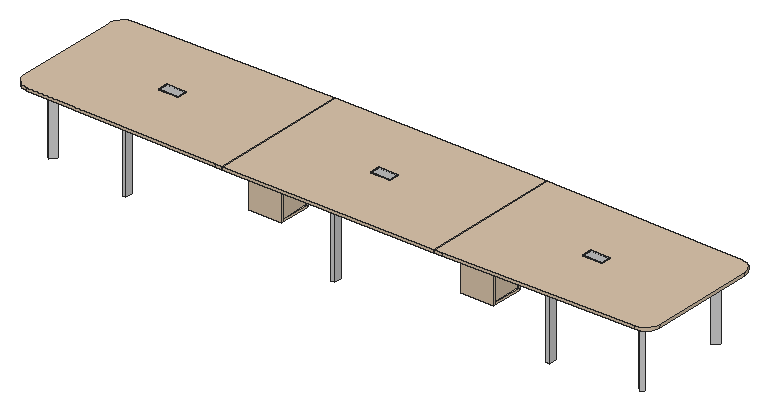
Revit family "Haworth_Planes_ConferenceTable_HexagonThreePiece", category Furniture Systems, Revit 2018
Family settings
  Round Connector Dimension = Use Diameter
  Part Type = Normal
  OmniClass Number = 23.40.70.14.64.21
  OmniClass Title = Systems Furniture
  Work Plane-Based = No
  Always vertical = Yes
  Cut with Voids When Loaded = No
  Shared = No
  Room Calculation Point = No
Parameters (values of type "270w 60d")
  Worksurface Finish [instance] = Haworth _ Laminate _ Maple H-AE
  Worksurface Edge Finish [instance] = Haworth _ Laminate _ Maple H-AE
  Width = 270"
  Warranty = "http://www.haworth.com/resources/product-info/warranties"
  URL - Product = "http://www.haworth.com/products/tables/conference/planes"
  Trim Finish [instance] = Haworth _ Metal _ Brushed Aluminum
  Sustainability Info = "https://www.haworth.com/company-info/sustainability"
  Support Location Side = 10"  # constant formula
  Support Location FrontBack = 8 3/4"  # constant formula
  Opening Single Wide = no
  Opening Single = not(or(Opening Single Wide, Opening Double, Opening Double Wide))  # yes
  Opening Left/Right = not(Opening Center)  # no
  Opening Double Wide = no
  Opening Double = no
  Opening Center = yes
  Not Cable Base = not(Cable Base)  # no
  Model = "TARX"  # constant formula
  Min. Depth = 42"  # constant formula
  Side Middle Leg Control = Actual Width > 221"  # yes
  Middle Leg Control = not(and(Not Cable Base, Actual Width < 204"))  # yes
  Max. Depth = 60"  # constant formula
  URL = "www.haworth.com"
  Support Height = Actual Height - Table Thickness  # 27 13/16"
  Size [instance] = "Verify Final Dim. w/ Haworth"  # constant formula
  Revision Number = "1"  # constant formula
  Min/Max Width = "186-270 @ 6 in. increments"  # constant formula
  Standard Height = "29 in."  # constant formula
  Min. Width = 186"  # constant formula
  Max. Width = 270"  # constant formula
  Min. Height = 29"  # constant formula
  Max. Height = 29"  # constant formula
  Manufacturer = "Haworth"  # constant formula
  Third Width = Actual Width / 6  # 45"
  Knife Edge = not(Edgeband)  # no
  Fliptop Width = Cutout Width + 1/4"  # 8 1/4"
  Fliptop Side Vis. = and(Flip Top, [Opening Left/Right])  # no
  Fliptop Depth = Cutout Depth + 3/8"  # 4 3/8"
  Fliptop Center Vis. = and(Flip Top, Opening Center)  # yes
  Flip Top Finish = Haworth _ Paint _ Metallic Champagne
  Flip Top = yes
  Edgeband = yes
  Description = "Haworth - Planes Conference Table - Hexagon Three Piece - 270w 60d"
  Depth = 60"
  Cutout Width = if(or(Opening Single Wide, Opening Double Wide), 11", 8")  # 8"
  Cutout Side Offset = Actual Width / 12  # 22 1/2"
  Cutout Depth = if(or(Opening Double, Opening Double Wide), 7 11/16", 4")  # 4"
  Cutout = yes
  Custom Size = not(and(or(Depth = 42", Depth = 48", Depth = 54", Depth = 60"), or(Width = 186", Width = 192", Width = 198", Width = 204", Width = 210", Width = 216", Width = 222", Width = 228", Width = 234", Width = 240", Width = 246", Width = 252", Width = 258", Width = 264", Width = 270")))  # no
  Center Leg Control = Not Cable Base  # no
  Cable Base Finish [instance] = Haworth _ Laminate _ Maple H-AE
  Cable Base = yes
  Author = "Haworth (Alias)"  # constant formula
  Assembly Code = "E2020200"
  Actual Width = if(Width > Max. Width, Max. Width, if(Width < Min. Width, Min. Width, Width))  # 270"
  Actual Height = 29"  # constant formula
  Table Thickness = 1 3/16"  # constant formula
  Standard Depths = "42, 48, 54, 60 in."  # constant formula
  Actual Depth = if(Depth > Max. Depth, Max. Depth, if(Depth < Min. Depth, Min. Depth, Depth))  # 60"
Reference planes (in)
  plane 1 "Center F/B": y = 8.84134
  plane 2 "Floor": z = 0
  plane 3 "Center L/R": x = 0
  plane 4 "Table Edge Left": x = -135
  plane 5 "Table Edge Right": x = 135
  plane 6 "Table Edge Back": y = -21.15866
  plane 7 "Table Edge Front": y = 38.84134
  plane 8 "Table Top": z = 29
  plane 9 "masking region": z = 27
  plane 10 "Left Middle Support": x = -90
  plane 11 "Right Middle Support": x = 90
  plane 12 "Ends Back Support Location": y = 30.09134
  plane 13 "Ends Front Support Location": y = -12.40866
  plane 14: z = 27.8125
  plane 15 "Left Seam": x = -45
  plane 16 "Right Seam": x = 45
  plane 17 "Leg 1": x = -125
  plane 18 "Leg 6": x = 125
  plane 19 "Back Leg 2": y = 34.40384
  plane 20 "Front Leg": y = -16.72116
  plane 21 "Back Leg 1": y = 36.09134
  plane 22 "Front Leg 1": y = -18.40866
  plane 23 "Fliptop Left 1": x = -112.5
  plane 24 "Fliptop Left2": x = -67.5
  plane 25 "Fliptop Left 3": x = -22.5
  plane 26 "Fliptop Right 3": x = 22.5
  plane 27 "Fliptop Right 2": x = 67.5
  plane 28 "Fliptop Right 1": x = 112.5
Dimensions and locks (in)
  "Actual Depth": plane 7 "Table Edge Front" to plane 6 "Table Edge Back"
  "Actual Width": plane 4 "Table Edge Left" to plane 5 "Table Edge Right"
  "Actual Height": plane 8 "Table Top" to level
  "Table Thickness": plane 8 "Table Top" to plane 14
  equal spacing: plane 4 "Table Edge Left", plane 10 "Left Middle Support", plane 15 "Left Seam", plane 3 "Center L/R", plane 16 "Right Seam", plane 11 "Right Middle Support", plane 5 "Table Edge Right"
  "Support Location Side": plane 4 "Table Edge Left" to plane 17 "Leg 1"
  "Support Location Side": plane 18 "Leg 6" to plane 5 "Table Edge Right"
  "Support Location FrontBack": plane 7 "Table Edge Front" to plane 12 "Ends Back Support Location"
  "Support Location FrontBack": plane 13 "Ends Front Support Location" to plane 6 "Table Edge Back"
  equal spacing: plane 7 "Table Edge Front", plane 1 "Center F/B", plane 6 "Table Edge Back"
  locked: plane 22 "Front Leg 1" to plane 6 "Table Edge Back" at 2.75
  locked: plane 21 "Back Leg 1" to plane 7 "Table Edge Front" at 2.75
  locked: plane 7 "Table Edge Front" to plane 19 "Back Leg 2" at 4.4375
  locked: plane 20 "Front Leg" to plane 6 "Table Edge Back" at 4.4375
  "Cutout Side Offset": plane 16 "Right Seam" to plane 27 "Fliptop Right 2"
  "Cutout Side Offset": plane 26 "Fliptop Right 3" to plane 16 "Right Seam"
  "Cutout Side Offset": plane 15 "Left Seam" to plane 25 "Fliptop Left 3"
  "Cutout Side Offset": plane 24 "Fliptop Left2" to plane 15 "Left Seam"
  "Cutout Side Offset": plane 4 "Table Edge Left" to plane 23 "Fliptop Left 1"
  "Cutout Side Offset": plane 28 "Fliptop Right 1" to plane 5 "Table Edge Right"
  aligned and locked: plane 17 "Leg 1" to nested 1
  aligned and locked: nested 2 to plane 17 "Leg 1"
  aligned and locked: plane 18 "Leg 6" to nested 3
  aligned and locked: nested 4 to plane 18 "Leg 6"
  aligned and locked: nested 11 to plane 11 "Right Middle Support"
  aligned and locked: nested 14 to plane 16 "Right Seam"
  aligned and locked: plane 3 "Center L/R" to nested 9
  aligned and locked: plane 15 "Left Seam" to nested 7
  aligned and locked: plane 10 "Left Middle Support" to nested 5
  aligned and locked: plane 10 "Left Middle Support" to nested 6
  aligned and locked: plane 15 "Left Seam" to nested 8
  aligned and locked: plane 3 "Center L/R" to nested 10
  aligned and locked: nested 13 to plane 16 "Right Seam"
  aligned and locked: nested 12 to plane 11 "Right Middle Support"
  aligned and locked: plane 1 "Center F/B" to nested 15
  aligned and locked: plane 1 "Center F/B" to nested 16
  aligned and locked: nested 16 to plane 16 "Right Seam"
  aligned and locked: plane 15 "Left Seam" to nested 15
  aligned and locked: nested 1 to plane 2 "Floor"
  aligned and locked: plane 2 "Floor" to nested 2  (x3)
  aligned and locked: plane 2 "Floor" to nested 1  (x2)
  aligned and locked: nested 5 to plane 2 "Floor"
  aligned and locked: nested 6 to plane 2 "Floor"
  aligned and locked: plane 2 "Floor" to nested 5
  aligned and locked: plane 2 "Floor" to nested 6
  aligned and locked: nested 15 to plane 2 "Floor"  (x2)
  aligned and locked: plane 2 "Floor" to nested 15  (x2)
  aligned and locked: nested 10 to plane 2 "Floor"
  aligned and locked: plane 2 "Floor" to nested 9
  aligned and locked: plane 2 "Floor" to nested 10
  aligned and locked: nested 16 to plane 2 "Floor"
  aligned and locked: plane 2 "Floor" to nested 14
  aligned and locked: plane 2 "Floor" to nested 11
  aligned and locked: plane 2 "Floor" to nested 12
  aligned and locked: nested 4 to plane 2 "Floor"  (x3)
  aligned and locked: plane 2 "Floor" to nested 3
  aligned and locked: nested 3 to plane 2 "Floor"  (x2)
  aligned and locked: nested 3 to plane 12 "Ends Back Support Location"
  aligned and locked: plane 13 "Ends Front Support Location" to nested 4
  aligned and locked: nested 1 to plane 13 "Ends Front Support Location"
  aligned and locked: plane 12 "Ends Back Support Location" to nested 2
  aligned and locked: plane 22 "Front Leg 1" to nested 7
  aligned and locked: plane 22 "Front Leg 1" to nested 9
  aligned and locked: nested 14 to plane 22 "Front Leg 1"
  aligned and locked: nested 12 to plane 19 "Back Leg 2"
  aligned and locked: nested 13 to plane 21 "Back Leg 1"
  aligned and locked: plane 21 "Back Leg 1" to nested 10
  aligned and locked: nested 8 to plane 21 "Back Leg 1"
  aligned and locked: nested 6 to plane 19 "Back Leg 2"
  aligned and locked: plane 28 "Fliptop Right 1" to nested 19
  aligned and locked: plane 1 "Center F/B" to nested 19
  aligned and locked: nested 18 to plane 11 "Right Middle Support"
  aligned and locked: plane 1 "Center F/B" to nested 18
  aligned and locked: nested 20 to plane 27 "Fliptop Right 2"
  aligned and locked: plane 1 "Center F/B" to nested 20
  aligned and locked: plane 1 "Center F/B" to nested 21
  aligned and locked: plane 26 "Fliptop Right 3" to nested 21
  aligned and locked: plane 3 "Center L/R" to nested 22
  aligned and locked: plane 1 "Center F/B" to nested 22
  aligned and locked: plane 25 "Fliptop Left 3" to nested 23
  aligned and locked: plane 1 "Center F/B" to nested 23
  aligned and locked: plane 24 "Fliptop Left2" to nested 24
  aligned and locked: plane 1 "Center F/B" to nested 24
  aligned and locked: plane 10 "Left Middle Support" to nested 25
  aligned and locked: plane 1 "Center F/B" to nested 25
  aligned and locked: nested 26 to plane 23 "Fliptop Left 1"
  aligned and locked: plane 1 "Center F/B" to nested 26
  aligned and locked: nested 17 to plane 3 "Center L/R"
  aligned and locked: nested 17 to plane 1 "Center F/B"
  aligned and locked: nested 17 to plane 2 "Floor"
  aligned and locked: plane 20 "Front Leg" to nested 5
  aligned and locked: nested 11 to plane 20 "Front Leg"
Nested families (in)
  nested 1: "Haworth_Worksurface-Support_Part-Leg" at (-133.5, 10.45565, 0), type "Support"
  nested 2: "Haworth_Worksurface-Support_Part-Leg" at (-133.5, 7.22703, 0), type "Support"
  nested 3: "Haworth_Worksurface-Support_Part-Leg" at (133.5, 7.22703, 0) x (-1, 0, 0) z (0, 0, 1), type "Support"
  nested 4: "Haworth_Worksurface-Support_Part-Leg" at (133.5, 10.45565, 0) x (-1, 0, 0) z (0, 0, 1), type "Support"
  nested 5: "Haworth_Worksurface-Support_Part-Leg" at (-98.5, 6.14315, 0), visible <- "Side Middle Leg Control", type "Middle Support"
  nested 6: "Haworth_Worksurface-Support_Part-Leg" at (-98.5, 54.01815, 0), visible <- "Side Middle Leg Control", type "Middle Support"
  nested 7: "Haworth_Worksurface-Support_Part-Leg" at (-53.5, 4.45565, 0), visible <- "Center Leg Control", type "Middle Support"
  nested 8: "Haworth_Worksurface-Support_Part-Leg" at (-53.5, 55.70565, 0), visible <- "Center Leg Control", type "Middle Support"
  nested 9: "Haworth_Worksurface-Support_Part-Leg" at (-8.5, 4.45565, 0), visible <- "Middle Leg Control", type "Middle Support"
  nested 10: "Haworth_Worksurface-Support_Part-Leg" at (-8.5, 55.70565, 0), visible <- "Middle Leg Control", type "Middle Support"
  nested 11: "Haworth_Worksurface-Support_Part-Leg" at (98.5, 6.14315, 0) x (-1, 0, 0) z (0, 0, 1), visible <- "Side Middle Leg Control", type "Middle Support"
  nested 12: "Haworth_Worksurface-Support_Part-Leg" at (98.5, 54.01815, 0) x (-1, 0, 0) z (0, 0, 1), visible <- "Side Middle Leg Control", type "Middle Support"
  nested 13: "Haworth_Worksurface-Support_Part-Leg" at (53.5, 55.70565, 0) x (-1, 0, 0) z (0, 0, 1), visible <- "Center Leg Control", type "Middle Support"
  nested 14: "Haworth_Worksurface-Support_Part-Leg" at (53.5, 4.45565, 0) x (-1, 0, 0) z (0, 0, 1), visible <- "Center Leg Control", type "Middle Support"
  nested 15: "Haworth_Planes_CableBase" at (-45, 5.21634, 0), visible <- "Cable Base", type "Base"
    with Actual Depth 14", 8 x 14 no, 14 x 14 yes
  nested 16: "Haworth_Planes_CableBase" at (45, 5.21634, 0), visible <- "Cable Base", type "Base"
    with Actual Depth 14", 8 x 14 no, 14 x 14 yes
  nested 17: "Haworth_Planes_Conference_Worksurface_HexagonThreePiece_Part" at (45, -6.15866, 0), type "Worksurface"
    with Opening Side Vis. no, Opening Left/Right no, Knife Edge no, Cutout Side Dimension 1"
  nested 18: "Haworth_Worksurface_FlipTop_Unit_Part" at (89.42963, 8.78886, 29), built-in parameter 1001364 <- "Actual Height", visible <- "Fliptop Center Vis.", type "Flip Top"
  nested 19: "Haworth_Worksurface_FlipTop_Unit_Part" at (111.92963, 8.78886, 29), built-in parameter 1001364 <- "Actual Height", visible <- "Fliptop Side Vis.", type "Flip Top"
  nested 20: "Haworth_Worksurface_FlipTop_Unit_Part" at (66.92963, 8.78886, 29), built-in parameter 1001364 <- "Actual Height", visible <- "Fliptop Side Vis.", type "Flip Top"
  nested 21: "Haworth_Worksurface_FlipTop_Unit_Part" at (21.92963, 8.78886, 29), built-in parameter 1001364 <- "Actual Height", visible <- "Fliptop Side Vis.", type "Flip Top"
  nested 22: "Haworth_Worksurface_FlipTop_Unit_Part" at (-0.57037, 8.78886, 29), built-in parameter 1001364 <- "Actual Height", visible <- "Fliptop Center Vis.", type "Flip Top"
  nested 23: "Haworth_Worksurface_FlipTop_Unit_Part" at (-23.07037, 8.78886, 29), built-in parameter 1001364 <- "Actual Height", visible <- "Fliptop Side Vis.", type "Flip Top"
  nested 24: "Haworth_Worksurface_FlipTop_Unit_Part" at (-68.07037, 8.78886, 29), built-in parameter 1001364 <- "Actual Height", visible <- "Fliptop Side Vis.", type "Flip Top"
  nested 25: "Haworth_Worksurface_FlipTop_Unit_Part" at (-90.57037, 8.78886, 29), built-in parameter 1001364 <- "Actual Height", visible <- "Fliptop Center Vis.", type "Flip Top"
  nested 26: "Haworth_Worksurface_FlipTop_Unit_Part" at (-113.07037, 8.78886, 29), built-in parameter 1001364 <- "Actual Height", visible <- "Fliptop Side Vis.", type "Flip Top"
Definition of nested family "Haworth_Worksurface-Support_Part-Leg"
  Parameters (values of type "Support")
    Top Thickness = 1 3/16"
    Support Post Standard = no
    Support Post 45 Degree = yes
    Support Height = Actual Height - Top Thickness  # 27 13/16"
    Model = "Worksurface"
    Worksurface Height = 29"
    Warranty = "www.haworth.com/en-us/Products/Pages/Certifications.aspx"
    URL - Product = "www.haworth.com/en-us/Products/Furniture/Systems/Desking-Systems/Pages/Compose.aspx"
    URL = "www.haworth.com"
    Sustainability Info = "www.haworth.com/en-us/About-Us/Sustainability/Pages/Vision.aspx"
    Support Finish = none
    Size = "Verify Final Dim. w/ Haworth"  # constant formula
    Revision Number = "1"  # constant formula
    Min/Max Height = "26-32 in."  # constant formula
    Min. Height = 20"  # constant formula
    Max. Height = 48"  # constant formula
    Manufacturer = "Haworth"  # constant formula
    LEED Data = "www.haworth.com/_layouts/Haworth.ProductCatalog/Handlers/GetAsset.ashx/ComposeLEEDContributions.pdf?cid=27&rid=1824&type=Leed"
    Description = "Worksurface Support"  # constant formula
    Author = "SHAPE Environments, LLC"  # constant formula
    Assembly Code = "E2020200"
    Actual Top Thickness = if(Top Thickness > 3", 3", if(Top Thickness < 1", 1", Top Thickness))  # 1 3/16"
    Actual Height = 29"
  Types (2): name | Support Post Standard | Support Post 45 Degree
    Support | no | yes
    Middle Support | yes | no
  Reference planes (in)
    plane 1: z = 0
    plane 2 "Center L/R": x = 8.5
    plane 3 "Support Top": z = 27.8125
    plane 4 "Center F/B": y = -21.23931
    plane 5: through (9.11872, -19.55993, 48) normal (0.7071, 0.7071, 0)
    plane 6: through (6.82062, -21.85803, 48) normal (0.7071, 0.7071, 0)
    plane 7: y = -22.86431
    plane 8: y = -19.61431
  Forms (in)
    Extrusion 1, solid, material <- "Support Finish", visible <- "Support Post Standard"
      sketch origin (0, 0, 0) x (1, 0, 0) y (0, 1, 0)
        loop
          line (7.75, -22.86431) -> (9.25, -22.86431) -> (9.25, -19.61431) -> (7.75, -19.61431) -> (7.75, -22.86431)
      from 0 to 27.8125
    Extrusion 2, solid, material <- "Support Finish", visible <- "Support Post 45 Degree"
      sketch origin (17.50805, -0.21044, 0) x (0.707107, -0.707107, 0) y (0.707107, 0.707107, 0)
        loop
          line (7.75, -22.86431) -> (9.25, -22.86431) -> (9.25, -19.61431) -> (7.75, -19.61431) -> (7.75, -22.86431)
      from 0 to 27.8125
  Lines and regions (in)
    symbolic lines, visible <- "Support Post Standard", detail levels fine
      curve 1: line (7.75, -19.61431, 0) -> (9.25, -19.61431, 0)
      curve 2: line (7.75, -22.86431, 0) -> (7.75, -19.61431, 0)
      curve 3: line (9.25, -22.86431, 0) -> (7.75, -22.86431, 0)
      curve 4: line (9.25, -19.61431, 0) -> (9.25, -22.86431, 0)
    symbolic lines, visible <- "Support Post 45 Degree", detail levels fine
      curve 5: line (6.82062, -21.85803, 0) -> (9.11872, -19.55993, 0)
      curve 6: line (9.11872, -19.55993, 0) -> (10.17938, -20.62059, 0)
      curve 7: line (10.17938, -20.62059, 0) -> (7.88128, -22.91869, 0)
      curve 8: line (7.88128, -22.91869, 0) -> (6.82062, -21.85803, 0)
  Dimensions and locks (in)
    "Support Height": plane 3 "Support Top" to level
    aligned and locked: plane 3 "Support Top" to Extrusion 1
    aligned and locked: plane 3 "Support Top" to Extrusion 2
  Automatic sketch dimensions
    Extrusion 1 sketch curve to plane 4 "Center F/B" = 1 5/8"
    plane 2 "Center L/R" to Extrusion 1 sketch curve = 3/4"
    Extrusion 1 sketch curve to plane 2 "Center L/R" = 3/4"
    plane 4 "Center F/B" to Extrusion 1 sketch curve = 1 5/8"
    plane 2 "Center L/R" to Extrusion 2 sketch curve = 0.61872"
    Extrusion 2 sketch curve to plane 4 "Center F/B" = 1.67938"
    Extrusion 2 sketch curve to Extrusion 2 sketch curve = 1 1/2"
    Extrusion 2 sketch curve to Extrusion 2 sketch curve = 3 1/4"
    plane 4 "Center F/B" to curve 5 = 0.61872"
    curve 2 to plane 2 "Center L/R" = 3/4"
    curve 2 to curve 7 = 0.13128"
    plane 2 "Center L/R" to curve 6 = 0.61872"
    curve 5 to curve 4 = 0.13128"
    curve 6 to plane 4 "Center F/B" = 0.61872"
    curve 1 to curve 6 = 0.92938"
    curve 7 to curve 2 = 0.05438"
    curve 1 to curve 5 = 0.05438"
Definition of nested family "Haworth_Planes_CableBase"
  Parameters
    Warranty = "www.haworth.com/en-us/Products/Pages/Certifications.aspx"
    URL - Product = "www.haworth.com/en-us/Products/Furniture/Tables/Conference-Ancillary/Pages/Planes.aspx"
    URL = "www.haworth.com"
    Sustainability Info = "www.haworth.com/en-us/About-Us/Sustainability/Pages/Vision.aspx"
    Size = "Verify Final Dim. w/ Haworth"  # constant formula
    Revision Number = "2"  # constant formula
    Model = "Haworth_Planes-Cable_Base"  # constant formula
    Min. Height = 27 13/16"  # constant formula
    Max. Height = 27 13/16"  # constant formula
    Manufacturer = "Haworth"  # constant formula
    LEED Data = "www.haworth.com/_layouts/Haworth.ProductCatalog/Handlers/GetAsset.ashx/PlanesLEEDContributions.pdf?cid=187&rid=1508&type=Leed"
    Description = "Haworth_Planes-Cable_Base"
    Base Finish = none
    Author = "SHAPE Environments, LLC"  # constant formula
    Assembly Code = "E2020200"
    Actual Width = 14"  # constant formula
    Actual Height = 27 13/16"
    Actual Depth = if([8 x 14], 8", 14")  # 8"
    8 x 14 = not([14 x 14])  # yes
    14 x 14 = no
  Reference planes (in)
    plane 1 "Center F/B": y = 3.625
    plane 2: z = 0
    plane 3 "Center L/R": x = 0
    plane 4 "Left": x = -7
    plane 5 "Right": x = 7
    plane 6 "Front": y = -0.375
    plane 7 "Top": z = 27.8125
    plane 8 "Back": y = 7.625
    plane 9: y = 6.875
    plane 10: x = 6.25
    plane 11: x = -6.25
    plane 12: y = 0.375
    plane 13: z = 27.0625
  Forms (in)
    Extrusion 1, solid, material <- "Base Finish"
      sketch origin (0, 0, 0) x (1, 0, 0) y (0, 1, 0)
        loop
          line (-7, 7.625) -> (-7, 6.875) -> (7, 6.875) -> (7, 7.625) -> (-7, 7.625)
        loop
          line (-7, 0.375) -> (-7, -0.375) -> (7, -0.375) -> (7, 0.375) -> (-7, 0.375)
      from 0 to 27.8125
    Extrusion 2, solid, material <- "Base Finish"
      sketch origin (0, 0, 0) x (1, 0, 0) y (0, 1, 0)
        loop
          line (-6.25, 6.875) -> (-6.25, 0.375) -> (-5.5, 0.375) -> (-5.5, 6.875) -> (-6.25, 6.875)
        loop
          line (6.25, 6.875) -> (5.5, 6.875) -> (5.5, 0.375) -> (6.25, 0.375) -> (6.25, 6.875)
      from 0 to 27.0625
    Extrusion 3, solid, material <- "Base Finish"
      sketch origin (0, 0, 0) x (1, 0, 0) y (0, 1, 0)
        loop
          line (-7, 6.875) -> (-7, 0.375) -> (7, 0.375) -> (7, 6.875) -> (-7, 6.875)
        loop
          line (-4, 4.625) -> (-4, 2.625) -> (4, 2.625) -> (4, 4.625) -> (-4, 4.625)
      from 0 to 0.75
  Cuts and joins
    joined: Extrusion 2, Extrusion 3
  Lines and regions (in)
    Masking region 1, detail levels fine
      outline origin (0, 0, 0) x (1, 0, 0) y (0, 1, 0)
        loop
          line (-7, 7.625) -> (-7, -0.375) -> (7, -0.375) -> (7, 7.625) -> (-7, 7.625)
        loop
          line (-4, 4.625) -> (-4, 2.625) -> (4, 2.625) -> (4, 4.625) -> (-4, 4.625)
  Dimensions and locks (in)
    equal spacing: plane 8 "Back", plane 1 "Center F/B", plane 6 "Front"
    "Actual Depth": plane 8 "Back" to plane 6 "Front"
    equal spacing: plane 4 "Left", plane 3 "Center L/R", plane 5 "Right"
    "Actual Width": plane 4 "Left" to plane 5 "Right"
    "Actual Height": plane 7 "Top" to level
    locked: plane 4 "Left" to plane 11 at 0.75
    locked: plane 10 to plane 5 "Right" at 0.75
    locked: plane 8 "Back" to plane 9 at 0.75
    locked: plane 12 to plane 6 "Front" at 0.75
    locked: plane 7 "Top" to plane 13 at 0.75
    Extrusion 2 sketch curve to plane 10 = 3/4"
    plane 11 to Extrusion 2 sketch curve = 3/4"
    Extrusion 3 sketch curve to plane 6 "Front" = 3"
    Extrusion 3 sketch curve to plane 8 "Back" = 3"
    plane 4 "Left" to Extrusion 3 sketch curve = 3"
    Extrusion 3 sketch curve to plane 5 "Right" = 3"
    aligned and locked: plane 4 "Left" to Extrusion 1 sketch curve  (x2)
    aligned and locked: Extrusion 1 sketch curve to plane 8 "Back"
    aligned and locked: plane 9 to Extrusion 1 sketch curve
    aligned and locked: plane 5 "Right" to Extrusion 1 sketch curve  (x2)
    aligned and locked: plane 6 "Front" to Extrusion 1 sketch curve
    aligned and locked: Extrusion 1 sketch curve to plane 12
    aligned and locked: plane 7 "Top" to Extrusion 1
    aligned and locked: plane 11 to Extrusion 2 sketch curve
    aligned and locked: Extrusion 2 sketch curve to plane 9
    aligned and locked: plane 12 to Extrusion 2 sketch curve  (x2)
    aligned and locked: plane 10 to Extrusion 2 sketch curve
    aligned and locked: plane 9 to Extrusion 2 sketch curve
    aligned and locked: plane 13 to Extrusion 2
    aligned and locked: Extrusion 1 to Extrusion 3 sketch curve
    aligned and locked: Extrusion 3 sketch curve to Extrusion 1
    aligned and locked: Masking region 1 sketch curve to Extrusion 3  (x5)
    aligned and locked: Masking region 1 sketch curve to Extrusion 1
    aligned and locked: Extrusion 1 to Masking region 1 sketch curve
    aligned and locked: Extrusion 3 to Masking region 1 sketch curve
    aligned and locked: plane 12 to Extrusion 3 sketch curve
    aligned and locked: Extrusion 3 sketch curve to plane 9
Definition of nested family "Haworth_Planes_Conference_Worksurface_HexagonThreePiece_Part"
  Parameters (values of type "Worksurface")
    Warranty = "https://www.haworth.com/resources/product-info/warranties"
    URL - Product = "https://www.haworth.com/products/tables/conference/planes"
    URL = "www.haworth.com"
    Table Thickness = 1 3/16"  # constant formula
    Table Finish = none
    Table Edge Finish = none
    Side Cutout Offset = Actual Width / 12  # 22 1/2"
    Revision Number = ""
    Opening Side Vis. = and(Cutout, [Opening Left/Right])  # yes
    Opening Left/Right = yes
    Opening Center Vis. = and(Cutout, Opening Center)  # yes
    Opening Center = yes
    Note = "Verify Final Dim. w/ Haworth"  # constant formula
    Model = "TARX"  # constant formula
    Manufacturer = "Haworth"  # constant formula
    Knife Edge = yes
    Edgeband = yes
    Description = "Haworth - Planes Conference Worksurface - Part"
    Cutout Width = 8"
    Cutout Side Dimension = if(and(Cutout, [Opening Left/Right]), 3", 1")  # 3"
    Cutout Center Dimension = if(and(Cutout, Opening Center), 3", 1")  # 3"
    Cutout Depth = 4"
    Cutout = yes
    Center Cutout Offset = Actual Width / 6  # 45"
    Author = "Haworth (Alias)"  # constant formula
    Assembly Code = ""
    Actual Width = 270"
    Actual Height = 29"
    Actual Depth = 60"
  Reference planes (in)
    plane 1 "Center F/B": y = 15
    plane 2 "Bottom": z = 0
    plane 3 "Right Flat": x = 0
    plane 4 "Table Front": y = 45
    plane 5 "Table Right": x = 90
    plane 6 "Table Left": x = -180
    plane 7 "Table Back": y = -15
    plane 8 "Table Top": z = 29
    plane 9 "Table Bottom": z = 27.8125
    plane 10 "Cutout Top": z = 30
    plane 11 "Cutout Center Bottom": z = 27
    plane 12 "KnifeEdge Middle": z = 28.625
    plane 13 "Cutout Center": x = -135
    plane 14 "Cutout Left 1": x = -157.5
    plane 15 "Cutout Left 2": x = -112.5
    plane 16 "Cutout Right 2": x = 22.5
    plane 17 "Cutout Center 2": x = 45
    plane 18 "Cutout Right 1": x = 67.5
    plane 19 "Cutout Side Bottom": z = 27
    plane 20 "Left Flat": x = -90
    plane 21 "Center L/R": x = -45
    plane 22 "Cutout Left 3": x = -67.5
    plane 23 "Cutout Right 3": x = -22.5
  Forms (in)
    Extrusion 1, solid, material <- "Table Finish", visible <- "Edgeband"
      sketch origin (0, 0, 0) x (1, 0, 0) y (0, 1, 0)
        loop
          line (90, -7.45259) -> (90, 37.45259)
          arc (90, 37.45259) -> (88.3202, 41.61623) -> (84.22137, 43.44851) r 6
          line (84.22137, 43.44851) -> (3.27451, 44.91058)
          arc (3.27451, 44.91058) -> (1.63787, 44.97764) -> (0, 45) r 60
          line (0, 45) -> (0, -15)
          arc (0, -15) -> (1.63787, -14.97764) -> (3.27451, -14.91058) r 60
          line (3.27451, -14.91058) -> (84.22137, -13.44851)
          arc (84.22137, -13.44851) -> (88.3202, -11.61623) -> (90, -7.45259) r 6
      from 27.8125 to 29
    Extrusion 2, void
      sketch origin (-90, 0, 29) x (-1, 0, 0) y (0, -1, 0)
        loop
          line (49, -17) -> (49, -13) -> (41, -13) -> (41, -17) -> (49, -17)
        loop
          line (-41, -17) -> (-41, -13) -> (-49, -13) -> (-49, -17) -> (-41, -17)
        loop
          line (-131, -17) -> (-131, -13) -> (-139, -13) -> (-139, -17) -> (-131, -17)
      from -2 to 1
    Extrusion 3, solid, material <- "Table Finish", visible <- "Knife Edge"
      sketch origin (0, 0, 0) x (1, 0, 0) y (0, 1, 0)
        loop
          line (90, -7.45259) -> (90, 37.45259)
          arc (90, 37.45259) -> (88.3202, 41.61623) -> (84.22137, 43.44851) r 6
          line (84.22137, 43.44851) -> (3.27451, 44.91058)
          arc (3.27451, 44.91058) -> (1.63787, 44.97764) -> (0, 45) r 60
          line (0, 45) -> (0, -15)
          arc (0, -15) -> (1.63787, -14.97764) -> (3.27451, -14.91058) r 60
          line (3.27451, -14.91058) -> (84.22137, -13.44851)
          arc (84.22137, -13.44851) -> (88.3202, -11.61623) -> (90, -7.45259) r 6
      from 28.625 to 29
    Blend 4, solid, material <- "Table Finish", visible <- "Knife Edge"
      base sketch origin (0, 0, 0) x (1, 0, 0) y (0, 1, 0)
        loop
          arc (0, -12.97661) -> (1.6121, -12.95419) -> (3.22295, -12.88695) r 57.97661
          line (3.22295, -12.88695) -> (84.29226, -11.44453)
          arc (84.29226, -11.44453) -> (86.92994, -10.17836) -> (88, -7.45522) r 4
          line (88, -7.45522) -> (88, 37.45522)
          arc (88, 37.45522) -> (86.92994, 40.17836) -> (84.29226, 41.44453) r 4
          line (84.29226, 41.44453) -> (3.22295, 42.88695)
          arc (3.22295, 42.88695) -> (1.6121, 42.95419) -> (0, 42.97661) r 57.97661
          line (0, 42.97661) -> (0, -12.97661)
      top sketch origin (0, 0, 0) x (1, 0, 0) y (0, 1, 0)
        loop
          arc (90, 37.45522) -> (88.3813, 41.55451) -> (84.3986, 43.44196) r 6
          line (84.3986, 43.44196) -> (3.27593, 44.9105)
          arc (3.27593, 44.9105) -> (1.63858, 44.97762) -> (0, 45) r 60
          line (0, 45) -> (0, -15)
          arc (0, -15) -> (1.63858, -14.97762) -> (3.27593, -14.9105) r 60
          line (3.27593, -14.9105) -> (84.3986, -13.44196)
          arc (84.3986, -13.44196) -> (88.3813, -11.55451) -> (90, -7.45522) r 6
          line (90, -7.45522) -> (90, 37.45522)
      from 27.8125 to 28.625
    Extrusion 5, void
      sketch origin (-90, 0, 0) x (1, 0, 0) y (0, 1, 0)
        loop
          line (-71.5, 17) -> (-71.5, 13) -> (-63.5, 13) -> (-63.5, 17) -> (-71.5, 17)
        loop
          line (-26.5, 17) -> (-26.5, 13) -> (-18.5, 13) -> (-18.5, 17) -> (-26.5, 17)
        loop
          line (18.5, 17) -> (18.5, 13) -> (26.5, 13) -> (26.5, 17) -> (18.5, 17)
        loop
          line (63.5, 17) -> (63.5, 13) -> (71.5, 13) -> (71.5, 17) -> (63.5, 17)
        loop
          line (108.5, 17) -> (108.5, 13) -> (116.5, 13) -> (116.5, 17) -> (108.5, 17)
        loop
          line (153.5, 17) -> (153.5, 13) -> (161.5, 13) -> (161.5, 17) -> (153.5, 17)
      from 27 to 30
    Extrusion 6, solid, material <- "Table Finish", visible <- "Knife Edge"
      sketch origin (-90, 0, 0) x (-1, 0, 0) y (0, -1, 0)
        loop
          arc (90, 7.45259) -> (88.3202, 11.61623) -> (84.22137, 13.44851) r 6
          line (84.22137, 13.44851) -> (3.27451, 14.91058)
          arc (3.27451, 14.91058) -> (1.63787, 14.97764) -> (0, 15) r 60
          line (0, 15) -> (0, -45)
          arc (0, -45) -> (1.63787, -44.97764) -> (3.27451, -44.91058) r 60
          line (3.27451, -44.91058) -> (84.22137, -43.44851)
          arc (84.22137, -43.44851) -> (88.3202, -41.61623) -> (90, -37.45259) r 6
          line (90, -37.45259) -> (90, 7.45259)
      from 28.625 to 29
    Extrusion 7, solid, material <- "Table Finish", visible <- "Edgeband"
      sketch origin (-90, 0, 0) x (-1, 0, 0) y (0, -1, 0)
        loop
          arc (90, 7.45259) -> (88.3202, 11.61623) -> (84.22137, 13.44851) r 6
          line (84.22137, 13.44851) -> (3.27451, 14.91058)
          arc (3.27451, 14.91058) -> (1.63787, 14.97764) -> (0, 15) r 60
          line (0, 15) -> (0, -45)
          arc (0, -45) -> (1.63787, -44.97764) -> (3.27451, -44.91058) r 60
          line (3.27451, -44.91058) -> (84.22137, -43.44851)
          arc (84.22137, -43.44851) -> (88.3202, -41.61623) -> (90, -37.45259) r 6
          line (90, -37.45259) -> (90, 7.45259)
      from 27.8125 to 29
    Blend 8, solid, material <- "Table Finish", visible <- "Knife Edge"
      base sketch origin (-90, 0, 0) x (-1, 0, 0) y (0, -1, 0)
        loop
          line (0, 12.97661) -> (0, -42.97661)
          arc (0, -42.97661) -> (1.6121, -42.95419) -> (3.22295, -42.88695) r 57.97661
          line (3.22295, -42.88695) -> (84.29226, -41.44453)
          arc (84.29226, -41.44453) -> (86.92994, -40.17836) -> (88, -37.45522) r 4
          line (88, -37.45522) -> (88, 7.45522)
          arc (88, 7.45522) -> (86.92994, 10.17836) -> (84.29226, 11.44453) r 4
          line (84.29226, 11.44453) -> (3.22295, 12.88695)
          arc (3.22295, 12.88695) -> (1.6121, 12.95419) -> (0, 12.97661) r 57.97661
      top sketch origin (-90, 0, 0) x (-1, 0, 0) y (0, -1, 0)
        loop
          line (90, -37.45522) -> (90, 7.45522)
          arc (90, 7.45522) -> (88.3813, 11.55451) -> (84.3986, 13.44196) r 6
          line (84.3986, 13.44196) -> (3.27593, 14.9105)
          arc (3.27593, 14.9105) -> (1.63858, 14.97762) -> (0, 15) r 60
          line (0, 15) -> (0, -45)
          arc (0, -45) -> (1.63858, -44.97762) -> (3.27593, -44.9105) r 60
          line (3.27593, -44.9105) -> (84.3986, -43.44196)
          arc (84.3986, -43.44196) -> (88.3813, -41.55451) -> (90, -37.45522) r 6
      from 27.8125 to 28.625
    Extrusion 9, solid, material <- "Table Finish", visible <- "Edgeband"
      sketch origin (0, 0, 0) x (1, 0, 0) y (0, 1, 0)
        loop
          line (-90, 45) -> (-90, -15) -> (0, -15) -> (0, 45) -> (-90, 45)
      from 27.8125 to 29
    Extrusion 10, solid, material <- "Table Finish", visible <- "Knife Edge"
      sketch origin (0, 0, 0) x (1, 0, 0) y (0, 1, 0)
        loop
          line (-90, 45) -> (-90, -15) -> (0, -15) -> (0, 45) -> (-90, 45)
      from 28.625 to 29
    Blend 11, solid, material <- "Table Finish", visible <- "Knife Edge"
      base sketch origin (0, 0, 0) x (1, 0, 0) y (0, 1, 0)
        loop
          line (-90, -13) -> (0, -13) -> (0, 43) -> (-90, 43) -> (-90, -13)
      top sketch origin (0, 0, 0) x (1, 0, 0) y (0, 1, 0)
        loop
          line (-90, 45) -> (-90, -15) -> (0, -15) -> (0, 45) -> (-90, 45)
      from 27.8125 to 28.625
  Cuts and joins
    Extrusion 2, Extrusion 5 cuts Extrusion 1
    Extrusion 2, Extrusion 5 cuts Extrusion 3
    Extrusion 2, Extrusion 5 cuts Blend 4
    Extrusion 2, Extrusion 5 cuts Extrusion 9
    Extrusion 2, Extrusion 5 cuts Extrusion 10
    Extrusion 2, Extrusion 5 cuts Blend 11
    Extrusion 2, Extrusion 5 cuts Extrusion 7
    Extrusion 2, Extrusion 5 cuts Extrusion 6
    Extrusion 2, Extrusion 5 cuts Blend 8
  Lines and regions (in)
    Masking region 1
      outline origin (0, 0, 0) x (1, 0, 0) y (0, 1, 0)
        loop
          arc (-174.22137, 43.44851) -> (-178.3202, 41.61623) -> (-180, 37.45259) r 6
          line (-180, 37.45259) -> (-180, -7.45259)
          arc (-180, -7.45259) -> (-178.3202, -11.61623) -> (-174.22137, -13.44851) r 6
          line (-174.22137, -13.44851) -> (-93.27451, -14.91058)
          arc (-93.27451, -14.91058) -> (-91.63787, -14.97764) -> (-90, -15) r 60
          line (-90, -15) -> (0, -15)
          arc (0, -15) -> (1.63787, -14.97764) -> (3.27451, -14.91058) r 60
          line (3.27451, -14.91058) -> (84.22137, -13.44851)
          arc (84.22137, -13.44851) -> (88.3202, -11.61623) -> (90, -7.45259) r 6
          line (90, -7.45259) -> (90, 37.45259)
          arc (90, 37.45259) -> (88.3202, 41.61623) -> (84.22137, 43.44851) r 6
          line (84.22137, 43.44851) -> (3.27451, 44.91058)
          arc (3.27451, 44.91058) -> (1.63787, 44.97764) -> (0, 45) r 60
          line (0, 45) -> (-90, 45)
          arc (-90, 45) -> (-91.63787, 44.97764) -> (-93.27451, 44.91058) r 60
          line (-93.27451, 44.91058) -> (-174.22137, 43.44851)
    symbolic lines
      curve 1: line (-90, 45, 0) -> (-90, -15, 0)
      curve 38: line (0, 45, 0) -> (0, -15, 0)
    symbolic lines, visible <- "Opening Side Vis."
      curve 2: line (-153.5, 17, 0) -> (-153.5, 13, 0)
      curve 3: line (-153.5, 13, 0) -> (-161.5, 13, 0)
      curve 4: line (-161.5, 13, 0) -> (-161.5, 17, 0)
      curve 5: line (-161.5, 17, 0) -> (-153.5, 17, 0)
      curve 10: line (-108.5, 13, 0) -> (-116.5, 13, 0)
      curve 11: line (-116.5, 13, 0) -> (-116.5, 17, 0)
      curve 12: line (-116.5, 17, 0) -> (-108.5, 17, 0)
      curve 13: line (-108.5, 17, 0) -> (-108.5, 13, 0)
      curve 14: line (-63.5, 13, 0) -> (-71.5, 13, 0)
      curve 15: line (-71.5, 13, 0) -> (-71.5, 17, 0)
      curve 16: line (-71.5, 17, 0) -> (-63.5, 17, 0)
      curve 17: line (-63.5, 17, 0) -> (-63.5, 13, 0)
      curve 22: line (-18.5, 13, 0) -> (-26.5, 13, 0)
      curve 23: line (-26.5, 13, 0) -> (-26.5, 17, 0)
      curve 24: line (-26.5, 17, 0) -> (-18.5, 17, 0)
      curve 25: line (-18.5, 17, 0) -> (-18.5, 13, 0)
      curve 26: line (26.5, 13, 0) -> (18.5, 13, 0)
      curve 27: line (18.5, 13, 0) -> (18.5, 17, 0)
      curve 28: line (18.5, 17, 0) -> (26.5, 17, 0)
      curve 29: line (26.5, 17, 0) -> (26.5, 13, 0)
      curve 34: line (71.5, 13, 0) -> (63.5, 13, 0)
      curve 35: line (63.5, 13, 0) -> (63.5, 17, 0)
      curve 36: line (63.5, 17, 0) -> (71.5, 17, 0)
      curve 37: line (71.5, 17, 0) -> (71.5, 13, 0)
    symbolic lines, visible <- "Opening Center Vis."
      curve 6: line (-131, 13, 0) -> (-139, 13, 0)
      curve 7: line (-139, 13, 0) -> (-139, 17, 0)
      curve 8: line (-139, 17, 0) -> (-131, 17, 0)
      curve 9: line (-131, 17, 0) -> (-131, 13, 0)
      curve 18: line (-41, 13, 0) -> (-49, 13, 0)
      curve 19: line (-49, 13, 0) -> (-49, 17, 0)
      curve 20: line (-49, 17, 0) -> (-41, 17, 0)
      curve 21: line (-41, 17, 0) -> (-41, 13, 0)
      curve 30: line (49, 13, 0) -> (41, 13, 0)
      curve 31: line (41, 13, 0) -> (41, 17, 0)
      curve 32: line (41, 17, 0) -> (49, 17, 0)
      curve 33: line (49, 17, 0) -> (49, 13, 0)
    symbolic lines, visible <- "Knife Edge", detail levels medium+fine
      curve 39: line (-178, -7.45522, 0) -> (-178, 37.45522, 0)
      curve 40: arc (-178, 37.45522, 0) -> (-176.92994, 40.17836, 0) -> (-174.29226, 41.44453, 0) r 4
      curve 41: line (-174.29226, 41.44453, 0) -> (-93.22295, 42.88695, 0)
      curve 42: arc (-93.22295, 42.88695, 0) -> (-91.6121, 42.95419, 0) -> (-90, 42.97661, 0) r 57.97661
      curve 43: arc (-90, -12.97661, 0) -> (-91.6121, -12.95419, 0) -> (-93.22295, -12.88695, 0) r 57.97661
      curve 44: line (-93.22295, -12.88695, 0) -> (-174.29226, -11.44453, 0)
      curve 45: arc (-174.29226, -11.44453, 0) -> (-176.92994, -10.17836, 0) -> (-178, -7.45522, 0) r 4
      curve 46: line (-90, 43, 0) -> (0, 43, 0)
      curve 47: line (0, -13, 0) -> (-90, -13, 0)
      curve 48: arc (88, -7.45522, 0) -> (86.92994, -10.17836, 0) -> (84.29226, -11.44453, 0) r 4
      curve 49: line (84.29226, -11.44453, 0) -> (3.22295, -12.88695, 0)
      curve 50: arc (3.22295, -12.88695, 0) -> (1.6121, -12.95419, 0) -> (0, -12.97661, 0) r 57.97661
      curve 51: arc (0, 42.97661, 0) -> (1.6121, 42.95419, 0) -> (3.22295, 42.88695, 0) r 57.97661
      curve 52: line (3.22295, 42.88695, 0) -> (84.29226, 41.44453, 0)
      curve 53: arc (84.29226, 41.44453, 0) -> (86.92994, 40.17836, 0) -> (88, 37.45522, 0) r 4
      curve 54: line (88, 37.45522, 0) -> (88, -7.45522, 0)
  Dimensions and locks (in)
    "Actual Depth": plane 7 "Table Back" to plane 4 "Table Front"
    equal spacing: plane 4 "Table Front", plane 1 "Center F/B", plane 7 "Table Back"
    "Table Thickness": plane 8 "Table Top" to plane 9 "Table Bottom"
    "Actual Height": plane 8 "Table Top" to level
    "Cutout Center Dimension": plane 10 "Cutout Top" to plane 11 "Cutout Center Bottom"
    locked: plane 10 "Cutout Top" to plane 8 "Table Top" at 1
    locked: plane 8 "Table Top" to plane 12 "KnifeEdge Middle" at 0.375
    "Actual Depth": plane 7 "Table Back" to Extrusion 1 sketch curve
    "Actual Depth": plane 4 "Table Front" to Extrusion 1 sketch curve
    "Actual Depth": plane 7 "Table Back" to Extrusion 3 sketch curve
    "Actual Depth": plane 4 "Table Front" to Extrusion 3 sketch curve
    locked: Blend 4 sketch curve to plane 5 "Table Right" at 2
    "Actual Depth": plane 7 "Table Back" to Blend 4 sketch curve  (x2)
    "Actual Depth": plane 4 "Table Front" to Blend 4 sketch curve  (x2)
    "Cutout Width": Extrusion 2 sketch curve to Extrusion 2 sketch curve  (x3)
    "Cutout Depth": Extrusion 2 sketch curve to Extrusion 2 sketch curve  (x3)
    equal spacing: Extrusion 2 sketch curve, plane 1 "Center F/B", Extrusion 2 sketch curve  (x3)
    equal spacing: Extrusion 2 sketch curve, plane 13 "Cutout Center", Extrusion 2 sketch curve
    "Center Cutout Offset": plane 3 "Right Flat" to plane 17 "Cutout Center 2"
    "Side Cutout Offset": plane 3 "Right Flat" to plane 16 "Cutout Right 2"
    "Side Cutout Offset": plane 18 "Cutout Right 1" to plane 5 "Table Right"
    "Cutout Side Dimension": plane 10 "Cutout Top" to plane 19 "Cutout Side Bottom"
    equal spacing: Extrusion 5 sketch curve, plane 1 "Center F/B", Extrusion 5 sketch curve  (x6)
    "Cutout Depth": Extrusion 5 sketch curve to Extrusion 5 sketch curve  (x6)
    equal spacing: Extrusion 5 sketch curve, plane 14 "Cutout Left 1", Extrusion 5 sketch curve
    "Cutout Width": Extrusion 5 sketch curve to Extrusion 5 sketch curve  (x6)
    equal spacing: Extrusion 5 sketch curve, plane 15 "Cutout Left 2", Extrusion 5 sketch curve
    equal spacing: plane 6 "Table Left", plane 20 "Left Flat", plane 3 "Right Flat", plane 5 "Table Right"
    equal spacing: plane 6 "Table Left", plane 21 "Center L/R", plane 5 "Table Right"
    "Actual Width": plane 6 "Table Left" to plane 5 "Table Right"
    "Actual Depth": plane 4 "Table Front" to Extrusion 6 sketch curve
    "Actual Depth": plane 7 "Table Back" to Extrusion 6 sketch curve
    "Actual Depth": plane 4 "Table Front" to Extrusion 7 sketch curve
    "Actual Depth": plane 7 "Table Back" to Extrusion 7 sketch curve
    "Actual Depth": plane 4 "Table Front" to Blend 8 sketch curve  (x2)
    "Actual Depth": plane 7 "Table Back" to Blend 8 sketch curve  (x2)
    locked: plane 6 "Table Left" to Blend 8 sketch curve at 2
    locked: plane 7 "Table Back" to Blend 11 sketch curve at 2
    locked: plane 4 "Table Front" to Blend 11 sketch curve at 2
    "Center Cutout Offset": plane 13 "Cutout Center" to plane 20 "Left Flat"
    "Side Cutout Offset": plane 15 "Cutout Left 2" to plane 20 "Left Flat"
    "Side Cutout Offset": plane 6 "Table Left" to plane 14 "Cutout Left 1"
    "Side Cutout Offset": plane 23 "Cutout Right 3" to plane 3 "Right Flat"
    "Side Cutout Offset": plane 20 "Left Flat" to plane 22 "Cutout Left 3"
    equal spacing: Extrusion 5 sketch curve, plane 22 "Cutout Left 3", Extrusion 5 sketch curve
    equal spacing: Extrusion 5 sketch curve, plane 23 "Cutout Right 3", Extrusion 5 sketch curve
    equal spacing: Extrusion 5 sketch curve, plane 16 "Cutout Right 2", Extrusion 5 sketch curve
    equal spacing: Extrusion 5 sketch curve, plane 18 "Cutout Right 1", Extrusion 5 sketch curve
    equal spacing: Extrusion 2 sketch curve, plane 21 "Center L/R", Extrusion 2 sketch curve
    equal spacing: Extrusion 2 sketch curve, plane 17 "Cutout Center 2", Extrusion 2 sketch curve
    "Actual Depth": plane 4 "Table Front" to Masking region 1 sketch curve  (x2)
    "Actual Depth": plane 7 "Table Back" to Masking region 1 sketch curve  (x2)
    aligned and locked: plane 8 "Table Top" to Extrusion 1
    aligned and locked: Extrusion 1 to plane 9 "Table Bottom"
    aligned and locked: Extrusion 1 sketch curve to plane 5 "Table Right"
    aligned and locked: Extrusion 2 to plane 11 "Cutout Center Bottom"
    aligned and locked: Extrusion 2 to plane 10 "Cutout Top"
    aligned and locked: Extrusion 3 sketch curve to plane 5 "Table Right"
    aligned and locked: plane 8 "Table Top" to Extrusion 3
    aligned and locked: plane 12 "KnifeEdge Middle" to Extrusion 3
    aligned and locked: Blend 4 sketch curve to plane 5 "Table Right"
    aligned and locked: Blend 4 to plane 12 "KnifeEdge Middle"
    aligned and locked: Blend 4 to plane 9 "Table Bottom"
    aligned and locked: Extrusion 1 sketch curve to plane 3 "Right Flat"
    aligned and locked: Extrusion 3 sketch curve to plane 3 "Right Flat"
    aligned and locked: Blend 4 sketch curve to plane 3 "Right Flat"  (x2)
    aligned and locked: Extrusion 5 to plane 10 "Cutout Top"
    aligned and locked: Extrusion 5 to plane 19 "Cutout Side Bottom"
    aligned and locked: plane 6 "Table Left" to Extrusion 6 sketch curve
    aligned and locked: plane 20 "Left Flat" to Extrusion 6 sketch curve
    aligned and locked: plane 6 "Table Left" to Extrusion 7 sketch curve
    aligned and locked: plane 20 "Left Flat" to Extrusion 7 sketch curve
    aligned and locked: plane 20 "Left Flat" to Blend 8 sketch curve  (x2)
    aligned and locked: plane 6 "Table Left" to Blend 8 sketch curve
    aligned and locked: Extrusion 9 sketch curve to plane 7 "Table Back"
    aligned and locked: Extrusion 9 sketch curve to plane 4 "Table Front"
    aligned and locked: Extrusion 9 sketch curve to plane 20 "Left Flat"
    aligned and locked: Extrusion 9 sketch curve to plane 3 "Right Flat"
    aligned and locked: plane 8 "Table Top" to Extrusion 9
    aligned and locked: Extrusion 9 to plane 9 "Table Bottom"
    aligned and locked: Extrusion 10 sketch curve to plane 3 "Right Flat"
    aligned and locked: Extrusion 10 sketch curve to plane 20 "Left Flat"
    aligned and locked: Extrusion 10 sketch curve to plane 4 "Table Front"
    aligned and locked: Extrusion 10 sketch curve to plane 7 "Table Back"
    aligned and locked: plane 8 "Table Top" to Extrusion 10
    aligned and locked: plane 12 "KnifeEdge Middle" to Extrusion 10
    aligned and locked: Blend 11 sketch curve to plane 20 "Left Flat"  (x2)
    aligned and locked: Blend 11 sketch curve to plane 3 "Right Flat"  (x2)
    aligned and locked: Blend 11 sketch curve to plane 7 "Table Back"
    aligned and locked: Blend 11 sketch curve to plane 4 "Table Front"
    aligned and locked: Blend 11 to plane 12 "KnifeEdge Middle"
    aligned and locked: Blend 11 to plane 9 "Table Bottom"
    aligned and locked: Extrusion 7 to Blend 8
    aligned and locked: plane 8 "Table Top" to Extrusion 7
    aligned and locked: Extrusion 7 to plane 9 "Table Bottom"
    aligned and locked: plane 8 "Table Top" to Extrusion 6
    aligned and locked: plane 12 "KnifeEdge Middle" to Extrusion 6
    aligned and locked: Blend 8 to plane 12 "KnifeEdge Middle"
    aligned and locked: Blend 8 to plane 9 "Table Bottom"
    aligned and locked: curve 2 to cut or joined group of Extrusion 2, Extrusion 5, Extrusion 7
    aligned and locked: curve 3 to cut or joined group of Extrusion 2, Extrusion 5, Extrusion 7
    aligned and locked: curve 4 to cut or joined group of Extrusion 2, Extrusion 5, Extrusion 7
    aligned and locked: curve 5 to cut or joined group of Extrusion 2, Extrusion 5, Extrusion 7
    aligned and locked: curve 6 to cut or joined group of Extrusion 2, Extrusion 5, Extrusion 6
    aligned and locked: curve 7 to cut or joined group of Extrusion 2, Extrusion 5, Extrusion 6
    aligned and locked: curve 8 to cut or joined group of Extrusion 2, Extrusion 5, Extrusion 6
    aligned and locked: curve 9 to cut or joined group of Extrusion 2, Extrusion 5, Extrusion 6
    aligned and locked: curve 10 to cut or joined group of Extrusion 2, Extrusion 5, Extrusion 6
    aligned and locked: curve 11 to cut or joined group of Extrusion 2, Extrusion 5, Extrusion 6
    aligned and locked: curve 12 to cut or joined group of Extrusion 2, Extrusion 5, Extrusion 6
    aligned and locked: curve 13 to cut or joined group of Extrusion 2, Extrusion 5, Extrusion 6
    aligned and locked: curve 14 to cut or joined group of Extrusion 2, Extrusion 5, Extrusion 10
    aligned and locked: curve 15 to cut or joined group of Extrusion 2, Extrusion 5, Extrusion 10
    aligned and locked: curve 16 to cut or joined group of Extrusion 2, Extrusion 5, Extrusion 10
    aligned and locked: curve 17 to cut or joined group of Extrusion 2, Extrusion 5, Extrusion 10
    aligned and locked: curve 18 to cut or joined group of Extrusion 2, Extrusion 5, Extrusion 10
    aligned and locked: curve 19 to cut or joined group of Extrusion 2, Extrusion 5, Extrusion 10
    aligned and locked: curve 20 to cut or joined group of Extrusion 2, Extrusion 5, Extrusion 10
    aligned and locked: curve 21 to cut or joined group of Extrusion 2, Extrusion 5, Extrusion 10
    aligned and locked: curve 22 to cut or joined group of Extrusion 2, Extrusion 5, Extrusion 10
    aligned and locked: curve 23 to cut or joined group of Extrusion 2, Extrusion 5, Extrusion 10
    aligned and locked: curve 24 to cut or joined group of Extrusion 2, Extrusion 5, Extrusion 10
    aligned and locked: curve 25 to cut or joined group of Extrusion 2, Extrusion 5, Extrusion 10
    aligned and locked: curve 26 to cut or joined group of Extrusion 2, Extrusion 3, Extrusion 5
    aligned and locked: curve 27 to cut or joined group of Extrusion 2, Extrusion 3, Extrusion 5
    aligned and locked: curve 28 to cut or joined group of Extrusion 2, Extrusion 3, Extrusion 5
    aligned and locked: curve 29 to cut or joined group of Extrusion 2, Extrusion 3, Extrusion 5
    aligned and locked: curve 30 to cut or joined group of Extrusion 2, Extrusion 3, Extrusion 5
    aligned and locked: curve 31 to cut or joined group of Extrusion 2, Extrusion 3, Extrusion 5
    aligned and locked: curve 32 to cut or joined group of Extrusion 2, Extrusion 3, Extrusion 5
    aligned and locked: curve 33 to cut or joined group of Extrusion 2, Extrusion 3, Extrusion 5
    aligned and locked: curve 34 to cut or joined group of Extrusion 2, Extrusion 3, Extrusion 5
    aligned and locked: curve 35 to cut or joined group of Extrusion 2, Extrusion 3, Extrusion 5
    aligned and locked: curve 36 to cut or joined group of Extrusion 2, Extrusion 3, Extrusion 5
    aligned and locked: curve 37 to cut or joined group of Extrusion 2, Extrusion 3, Extrusion 5
    aligned and locked: cut or joined group of Extrusion 2, Extrusion 5, Blend 8 to plane 20 "Left Flat"
    aligned and locked: plane 7 "Table Back" to Masking region 1 sketch curve
    aligned and locked: Masking region 1 sketch curve to plane 4 "Table Front"
    aligned and locked: Masking region 1 sketch curve to plane 6 "Table Left"
    aligned and locked: Masking region 1 sketch curve to plane 5 "Table Right"
    aligned and locked: plane 3 "Right Flat" to cut or joined group of Extrusion 2, Extrusion 5, Extrusion 10
    aligned and locked: curve 38 to plane 3 "Right Flat"
    aligned and locked: plane 20 "Left Flat" to curve 1
    aligned and locked: curve 40 to cut or joined group of Extrusion 2, Extrusion 5, Blend 8
    aligned and locked: curve 41 to cut or joined group of Extrusion 2, Extrusion 5, Blend 8
    aligned and locked: curve 42 to cut or joined group of Extrusion 2, Extrusion 5, Blend 8
    aligned and locked: curve 43 to cut or joined group of Extrusion 2, Extrusion 5, Blend 8
    aligned and locked: curve 44 to cut or joined group of Extrusion 2, Extrusion 5, Blend 8
    aligned and locked: curve 45 to cut or joined group of Extrusion 2, Extrusion 5, Blend 8
    aligned and locked: curve 46 to cut or joined group of Extrusion 2, Extrusion 5, Blend 11
    aligned and locked: curve 47 to cut or joined group of Extrusion 2, Extrusion 5, Blend 11
    aligned and locked: curve 48 to cut or joined group of Extrusion 2, Blend 4, Extrusion 5
    aligned and locked: curve 49 to cut or joined group of Extrusion 2, Blend 4, Extrusion 5
    aligned and locked: curve 50 to cut or joined group of Extrusion 2, Blend 4, Extrusion 5
    aligned and locked: curve 51 to cut or joined group of Extrusion 2, Blend 4, Extrusion 5
    aligned and locked: curve 52 to cut or joined group of Extrusion 2, Blend 4, Extrusion 5
    aligned and locked: curve 53 to cut or joined group of Extrusion 2, Blend 4, Extrusion 5
  Automatic sketch dimensions
    plane 7 "Table Back" to Extrusion 1 sketch curve = 0"
    Extrusion 1 sketch curve to plane 4 "Table Front" = 0"
    Extrusion 1 sketch curve to plane 7 "Table Back" = 0.08942"
    Extrusion 1 sketch curve to plane 4 "Table Front" = 0.08942"
    plane 5 "Table Right" to Extrusion 1 sketch curve = 6"  (x2)
    Extrusion 1 sketch curve to plane 4 "Table Front" = 1.55149"
    plane 5 "Table Right" to Extrusion 1 sketch curve = 5.77863"  (x2)
    Extrusion 1 sketch curve to plane 7 "Table Back" = 1.55149"
    plane 7 "Table Back" to Extrusion 3 sketch curve = 0"
    Extrusion 3 sketch curve to plane 4 "Table Front" = 0"
    Extrusion 3 sketch curve to plane 7 "Table Back" = 0.08942"
    Extrusion 3 sketch curve to plane 4 "Table Front" = 0.08942"
    Extrusion 3 sketch curve to Extrusion 3 sketch curve = 6"  (x2)
    Extrusion 3 sketch curve to plane 4 "Table Front" = 1.55149"
    plane 5 "Table Right" to Extrusion 3 sketch curve = 5.77863"  (x2)
    Extrusion 3 sketch curve to plane 7 "Table Back" = 1.55149"
    plane 3 "Right Flat" to Blend 4 sketch curve = 3.22295"  (x2)
    Blend 4 sketch curve to Blend 4 sketch curve = 4"  (x2)
    Blend 4 sketch curve to Blend 4 sketch curve = 0.29226"  (x2)
    Blend 4 sketch curve to plane 7 "Table Back" = 2.02339"
    Blend 4 sketch curve to plane 7 "Table Back" = 3.55547"
    Blend 4 sketch curve to plane 4 "Table Front" = 7.54478"
    Blend 4 sketch curve to plane 4 "Table Front" = 2.11305"
    plane 7 "Table Back" to Blend 4 sketch curve = 0"
    Blend 4 sketch curve to plane 4 "Table Front" = 0"
    Blend 4 sketch curve to plane 7 "Table Back" = 0.0895"
    Blend 4 sketch curve to plane 4 "Table Front" = 0.0895"
    Blend 4 sketch curve to Blend 4 sketch curve = 6"  (x2)
    Blend 4 sketch curve to plane 7 "Table Back" = 1.55804"
    plane 5 "Table Right" to Blend 4 sketch curve = 5.6014"  (x2)
    Blend 4 sketch curve to plane 4 "Table Front" = 1.55804"
    plane 7 "Table Back" to Extrusion 6 sketch curve = 0"
    Extrusion 6 sketch curve to plane 4 "Table Front" = 0"
    plane 7 "Table Back" to Extrusion 6 sketch curve = 0.08942"
    plane 4 "Table Front" to Extrusion 6 sketch curve = 0.08942"
    Extrusion 6 sketch curve to Extrusion 6 sketch curve = 6"  (x2)
    plane 4 "Table Front" to Extrusion 6 sketch curve = 1.55149"
    Extrusion 6 sketch curve to plane 6 "Table Left" = 5.77863"  (x2)
    plane 7 "Table Back" to Extrusion 6 sketch curve = 1.55149"
    plane 7 "Table Back" to Extrusion 7 sketch curve = 0"
    Extrusion 7 sketch curve to plane 4 "Table Front" = 0"
    plane 7 "Table Back" to Extrusion 7 sketch curve = 0.08942"
    plane 4 "Table Front" to Extrusion 7 sketch curve = 0.08942"
    Extrusion 7 sketch curve to plane 6 "Table Left" = 6"  (x2)
    plane 4 "Table Front" to Extrusion 7 sketch curve = 1.55149"
    Extrusion 7 sketch curve to plane 6 "Table Left" = 5.77863"  (x2)
    plane 7 "Table Back" to Extrusion 7 sketch curve = 1.55149"
    Blend 8 sketch curve to plane 20 "Left Flat" = 3.22295"  (x2)
    Blend 8 sketch curve to plane 6 "Table Left" = 6"  (x2)
    Blend 8 sketch curve to Blend 8 sketch curve = 0.29226"  (x2)
    plane 7 "Table Back" to Blend 8 sketch curve = 3.55547"
    plane 7 "Table Back" to Blend 8 sketch curve = 2.02339"
    plane 4 "Table Front" to Blend 8 sketch curve = 7.54478"
    plane 4 "Table Front" to Blend 8 sketch curve = 2.11305"
    plane 7 "Table Back" to Blend 8 sketch curve = 0"
    Blend 8 sketch curve to plane 4 "Table Front" = 0"
    plane 7 "Table Back" to Blend 8 sketch curve = 0.0895"
    plane 4 "Table Front" to Blend 8 sketch curve = 0.0895"
    Blend 8 sketch curve to Blend 8 sketch curve = 6"  (x2)
    plane 7 "Table Back" to Blend 8 sketch curve = 1.55804"
    Blend 8 sketch curve to plane 6 "Table Left" = 5.6014"  (x2)
    plane 4 "Table Front" to Blend 8 sketch curve = 1.55804"
    Masking region 1 sketch curve to plane 20 "Left Flat" = 0"  (x2)
    Masking region 1 sketch curve to plane 3 "Right Flat" = 0"  (x2)
    Masking region 1 sketch curve to plane 4 "Table Front" = 1.55149"  (x2)
    plane 6 "Table Left" to Masking region 1 sketch curve = 5.77863"  (x2)
    Masking region 1 sketch curve to plane 7 "Table Back" = 1.55149"  (x2)
    Masking region 1 sketch curve to Masking region 1 sketch curve = 0.22137"  (x2)
    Masking region 1 sketch curve to plane 7 "Table Back" = 0.08942"  (x2)
    Masking region 1 sketch curve to plane 4 "Table Front" = 0.08942"  (x2)
    Masking region 1 sketch curve to Masking region 1 sketch curve = 6"  (x2)
    plane 5 "Table Right" to Masking region 1 sketch curve = 5.77863"  (x2)
    plane 7 "Table Back" to curve 1 = 0"
    plane 7 "Table Back" to curve 38 = 0"
    curve 1 to plane 4 "Table Front" = 0"
    curve 38 to plane 4 "Table Front" = 0"
Definition of nested family "Haworth_Worksurface_FlipTop_Unit_Part"
  Parameters (values of type "Flip Top")
    Warranty = "https://www.haworth.com/resources/product-info/warranties"
    URL - Product = "https://www.haworth.com/products/tables/conference/planes"
    URL = "www.haworth.com"
    Sustainability Info = "https://www.haworth.com/company-info/sustainability"
    Size = "Verify Final Dim. w/ Haworth"  # constant formula
    Revision Number = "2"  # constant formula
    Model = "Haworth_Worksurface-Flip_Top_Unit"  # constant formula
    Manufacturer = "Haworth"  # constant formula
    LEED Data = "www.haworth.com/_layouts/Haworth.ProductCatalog/Handlers/GetAsset.ashx/ComposeLEEDContributions.pdf?cid=27&rid=1824&type=Leed"
    Flip Top Finish = none
    Description = "Haworth Worksurface-Flip Top Unit - Part"
    Default Elevation = 48"
    Author = "Haworth (Alias), SHAPE Environments, LLC"  # constant formula
    Assembly Code = "E2020200"
    Actual Width = 8 1/4"
    Actual Depth = 4 3/8"
  Reference planes (in)
    plane 1 "Center F/B": y = 0.05249
    plane 2: z = 0
    plane 3 "Center L/R": x = 0.57037
    plane 4 "Back": y = 2.23999
    plane 5 "Right": x = 4.69537
    plane 6 "Front": y = -2.13501
    plane 7 "Left": x = -3.55463
    plane 8 "Table Height": z = 0
  Forms (in)
    Extrusion 1, solid, material <- "Flip Top Finish"
      sketch origin (0, 0, 0) x (-1, 0, 0) y (0, -1, 0)
        loop
          line (3.55463, -2.23999) -> (3.55463, 2.13501) -> (-4.69537, 2.13501) -> (-4.69537, -2.23999) -> (3.55463, -2.23999)
      from 0 to 0.125
    Extrusion 2, solid, material <- "Flip Top Finish"
      sketch origin (0, 0, 0) x (-1, 0, 0) y (0, -1, 0)
        loop
          line (3.42963, -2.05249) -> (3.42963, 1.94751) -> (-4.57037, 1.94751) -> (-4.57037, -2.05249) -> (3.42963, -2.05249)
      from 0 to -2.75
  Cuts and joins
    joined: Extrusion 1, Extrusion 2
  Lines and regions (in)
    Masking region 1
      outline origin (0, 0, 0) x (1, 0, 0) y (0, 1, 0)
        loop
          line (-3.55463, 2.23999) -> (-3.55463, -2.13501) -> (4.69537, -2.13501) -> (4.69537, 2.23999) -> (-3.55463, 2.23999)
  Dimensions and locks (in)
    equal spacing: plane 7 "Left", plane 3 "Center L/R", plane 5 "Right"
    "Actual Width": plane 7 "Left" to plane 5 "Right"
    equal spacing: plane 6 "Front", plane 1 "Center F/B", plane 4 "Back"
    "Actual Depth": plane 4 "Back" to plane 6 "Front"
    plane 7 "Left" to Extrusion 2 sketch curve = 1/8"
    plane 4 "Back" to Extrusion 2 sketch curve = 3/16"
    Extrusion 2 sketch curve to plane 5 "Right" = 1/8"
    Extrusion 2 sketch curve to plane 6 "Front" = 3/16"
    locked: plane 8 "Table Height" to level
    aligned and locked: plane 7 "Left" to Extrusion 1 sketch curve
    aligned and locked: Extrusion 1 sketch curve to plane 4 "Back"
    aligned and locked: plane 6 "Front" to Extrusion 1 sketch curve
    aligned and locked: Extrusion 1 sketch curve to plane 5 "Right"
    aligned and locked: Masking region 1 sketch curve to cut or joined group of Extrusion 1, Extrusion 2  (x3)
    aligned and locked: cut or joined group of Extrusion 1, Extrusion 2 to Masking region 1 sketch curve
